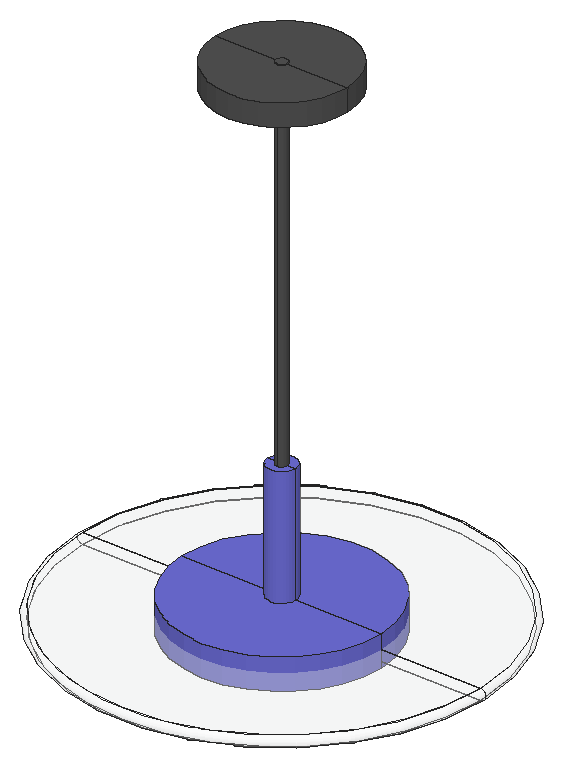
Revit family
Parameters (values of type "150 와트 백열")
  Wattage = 150 W
  built-in parameter 1150110 = 1 (stored number, unit not read)
  built-in parameter 1114217 = 1 (stored number, unit not read)
  built-in parameter 1150109 = 1 (stored number, unit not read)
  built-in parameter 1150134 = 4
  built-in parameter 1150113 = 1 (stored number, unit not read)
  built-in parameter 1150115 = 1 (stored number, unit not read)
  built-in parameter 1150105 = 221.19 (stored number, unit not read)
  Light Source Symbol Size = 609.60 mm
  built-in parameter 1150137 = (empty or 0)
  built-in parameter 1150139 = (empty or 0)
  built-in parameter 1150112 = 1 (stored number, unit not read)
  built-in parameter 1150114 = 1 (stored number, unit not read)
  Lamp = "A-21"
  built-in parameter 1150132 = (empty or 0)
  built-in parameter 1150102 = (empty or 0)
  built-in parameter 1150138 = (empty or 0)
  built-in parameter 1150107 = 2800 (stored number, unit not read)
  built-in parameter 1150106 = 2.2119 (stored number, unit not read)
  Emit from Circle Diameter = 2 * 반지름 유리  # 460.00 mm
  Emit Shape Visible in Rendering = no
  built-in parameter 1150104 = 1.7215 (stored number, unit not read)
  Dimming Lamp Color Temperature Shift = (empty or 0)
  Color Filter = 16777215
  천장 장착 = 금속 - 크롬
  천장으로부터의 드롭 = 600.00 mm
  설비 = 플라스틱 - 파란색
  유리 = 유리 - 투명, 회색
  Lumens = 2779.5 lm
  반지름 설비 = 반지름 유리 * 0.5  # 115.00 mm
  반지름 유리 = 230.00 mm
  Type Comments = ""
  Wattage Comments = "150"
  built-in parameter 1114218 = 1 (stored number, unit not read)
  built-in parameter 1150133 = 10 (stored number, unit not read)
Types (3, lengths in mm): name | Wattage | built-in parameter 1150105 | Lamp | built-in parameter 1150106 | built-in parameter 1150104 | Lumens | Wattage Comments
  (no name) | 150 W | 221.19 (stored number, unit not read) | "A-21" | 2.2119 (stored number, unit not read) | 1.7215 (stored number, unit not read) | 2779.5 lm | "150"
  100 와트 백열 | 100 W | 134.49 (stored number, unit not read) | "A-19" | 1.3449 (stored number, unit not read) | 1.5701 (stored number, unit not read) | 1690 lm | "100"
  150 와트 백열 | 150 W | 221.19 (stored number, unit not read) | "A-21" | 2.2119 (stored number, unit not read) | 1.7215 (stored number, unit not read) | 2779.5 lm | "150"
Reference planes
  plane 1 "조명 축": y = 0
  plane 2 "천장": z = 2438.4
  plane 3 "조명 축": x = 0
  plane 4 "광원 입면도": z = 1838.4
Forms (mm)
  Revolve 1, solid, material "금속 - 크롬" <- "천장 장착"
    sketch origin (0, 0, 0) x (1, 0, 0) y (0, 0, 1)
      loop
        line (0, 2438.4) -> (-76.2, 2438.4) -> (-76.2, 2413) -> (0, 2377.467) -> (0, 2438.4)
      axis (0, 2438.4) -> (0, 2377.467)
    angle from 0 to 360
  Revolve 2, solid, material "유리 - 투명, 회색" <- "유리"
    sketch origin (0, 0, 0) x (0, 0, -1) y (1, 0, 0)
      loop
        line (-1857.45, 0) -> (-1870.15, 0) -> (-1870.15, -230)
        arc (-1870.15, -230) -> (-1863.8, -236.35) -> (-1857.45, -230) r 6.35
        line (-1857.45, -230) -> (-1857.45, 0)
      axis (-1870.15, 0) -> (-1857.45, 0)
    angle from 0 to 360
  Extrusion 3, solid, material "금속 - 크롬" <- "천장 장착"
    sketch origin (0, 0, 1838.4) x (0, -1, 0) y (1, 0, 0)
      loop
        circle (0, 0) r 6.35
    from 184.15 to 600
  Revolve 4, solid, material "플라스틱 - 파란색" <- "설비"
    sketch origin (0, 0, 0) x (0, 0, -1) y (1, 0, 0)
      loop
        line (-2022.55, 0) -> (-2022.55, -15.875) -> (-1886.475, -15.875) -> (-1886.475, -115) -> (-1851.1, -115) -> (-1851.1, -38.1) -> (-1870.15, -38.1) -> (-1870.15, 0) -> (-2022.55, 0)
      axis (-2022.55, 0) -> (-1851.1, 0)
    angle from 0 to 360
Lines and regions (mm)
  sketch lines
    curve 1: line (-1524, 1524, 0) -> (1524, 1524, 0)
    curve 2: line (-1524, 1524, 0) -> (-1524, -1524, 0)
    curve 3: line (-1524, -1524, 0) -> (1524, -1524, 0)
    curve 4: line (1524, 1524, 0) -> (1524, -1524, 0)
Dimensions and locks
  equal spacing: curve 2, plane 3 "조명 축", curve 4
  equal spacing: curve 3, plane 1 "조명 축", curve 1
  curve 2 to curve 4 = 3048.00 mm
  curve 3 to curve 1 = 3048.00 mm
  "천장으로부터의 드롭": plane 2 "천장" to plane 4 "광원 입면도"
  "반지름 유리": plane 3 "조명 축" to Revolve 2 sketch curve
  "반지름 설비": plane 3 "조명 축" to Revolve 4 sketch curve
  aligned and locked: plane 2 "천장" to Extrusion 3
  aligned and locked: plane 3 "조명 축" to imposter light
  aligned and locked: plane 1 "조명 축" to imposter light
  aligned and locked: imposter light to Revolve 4
  aligned and locked: Revolve 4 to Extrusion 3
Automatic sketch dimensions
  Revolve 1 sketch curve to plane 2 "천장" = 0.00 mm
  Revolve 1 sketch curve to plane 3 "조명 축" = 0.00 mm  (x2)
  Revolve 1 sketch curve to plane 2 "천장" = 25.40 mm
  Revolve 1 sketch curve to plane 3 "조명 축" = 76.20 mm
  Revolve 1 sketch curve to plane 2 "천장" = 60.933 mm
  Revolve 1 sketch curve to Revolve 1 sketch curve = 66.067 mm
  plane 2 "천장" to Revolve 1 sketch curve = 76.20 mm
  Extrusion 3 sketch curve to plane 3 "조명 축" = 0.00 mm
  Extrusion 3 sketch curve to plane 1 "조명 축" = 0.00 mm
  Extrusion 3 sketch curve to plane 1 "조명 축" = 6.35 mm
  Revolve 2 sketch curve to plane 3 "조명 축" = 0.00 mm  (x2)
  Revolve 2 sketch curve to plane 4 "광원 입면도" = 96.851 mm
  Revolve 2 sketch curve to plane 4 "광원 입면도" = 31.75 mm
  Revolve 2 sketch curve to Revolve 2 sketch curve = 6.35 mm
  plane 4 "광원 입면도" to Revolve 2 sketch curve = 233.349 mm
  Revolve 4 sketch curve to plane 3 "조명 축" = 0.00 mm  (x2)
  Revolve 4 sketch curve to plane 4 "광원 입면도" = 208.263 mm
  Revolve 4 sketch curve to Revolve 4 sketch curve = 24.113 mm
  Revolve 4 sketch curve to plane 4 "광원 입면도" = 48.075 mm
  Revolve 4 sketch curve to Revolve 4 sketch curve = 16.325 mm
  Revolve 4 sketch curve to plane 4 "광원 입면도" = 12.70 mm
  plane 4 "광원 입면도" to Revolve 4 sketch curve = 45.737 mm
  Revolve 4 sketch curve to plane 3 "조명 축" = 15.875 mm
  Revolve 4 sketch curve to Revolve 4 sketch curve = 22.225 mm
